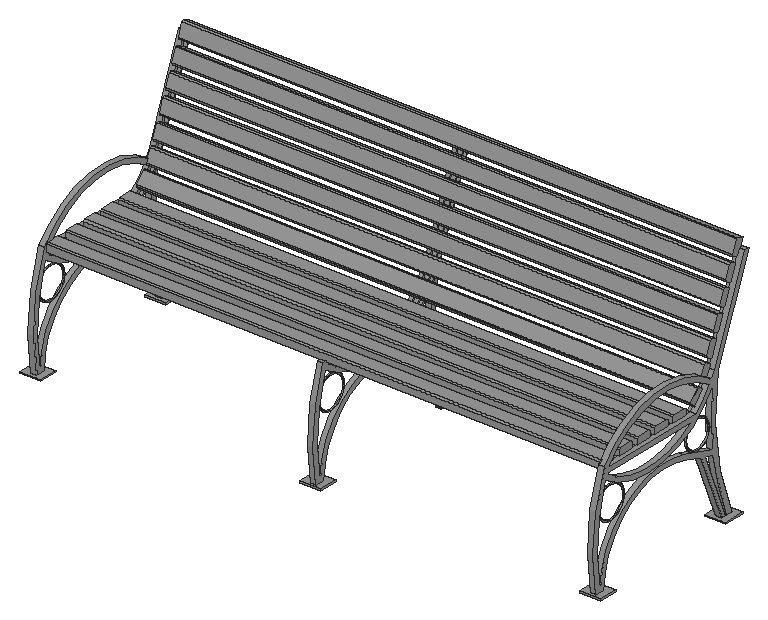
Revit family "7055 Скамейка стальная «Бульвар» Хоббика", category Антураж, Revit 2018
Family settings
  На основе рабочей плоскости = Нет
  Всегда вертикально = Да
  При загрузке вырезать с полостями = Нет
  Источник визуального образа = Геометрия семейства
  Общий = Нет
  Точка расчета площади = Нет
Parameters (values of type "Версия 2,0 м (3 опоры)")
  Ширина = 700 mm  # constant formula
  Цвет сидения = Дерево
  Цвет опоры = Сталь
  Средняя опора = or([Версия 2,0 м (3 опоры)], ([Версия 3,0 м (3 опоры)]))  # yes
  Описание = if([Версия 0,6 м (кресло)], "Скамейка стальная «Бульвар». Версия 0,6 м (кресло)", if([Версия 1,2 м], "Скамейка стальная «Бульвар». Версия 1,2 м", if([Версия 1,5 м], "Скамейка стальная «Бульвар». Версия 1,5 м", if([Версия 1,8 м], "Скамейка стальная «Бульвар». Версия 1,8 м", if([Версия 2,0 м (3 опоры)], "Скамейка стальная «Бульвар». Версия 2,0 м (3 опоры)", "Скамейка стальная «Бульвар». Версия 3,0 м (3 опоры)")))))  # "Скамейка стальная «Бульвар». Версия 2,0 м (3 опоры)"
  Материал изделия = "Сталь, дерево"  # constant formula
  Изображение типоразмера = Скамейка стальная «Бульвар» Арт 7055.jpg
  Изготовитель = "ООО «Хоббика»"  # constant formula
  Длина = if([Версия 0,6 м (кресло)], 640 mm, if([Версия 1,2 м], 1240 mm, if([Версия 1,5 м], 1540 mm, if([Версия 1,8 м], 1840 mm, if([Версия 2,0 м (3 опоры)], 2040 mm, 3040 mm)))))  # 2040 mm
  Группа модели = "Садовые скамейки"  # constant formula
  Высота = 860 mm  # constant formula
  Версия 3,0 м (3 опоры) = not(or([Версия 0,6 м (кресло)], [Версия 1,2 м], [Версия 1,5 м], [Версия 1,8 м], [Версия 2,0 м (3 опоры)]))  # no
  Версия 2,0 м (3 опоры) = yes
  Версия 1,8 м = no
  Версия 1,5 м = no
  Версия 1,2 м = no
  Версия 0,6 м (кресло) = no
  Артикул товара = "Арт. 7055"  # constant formula
  URL = "https://hobbyka.ru/product/skameika_bulvar/"
Types (7, lengths in mm): name | Средняя опора | Описание | Длина | Версия 3,0 м (3 опоры) | Версия 2,0 м (3 опоры) | Версия 1,8 м | Версия 1,5 м | Версия 1,2 м | Версия 0,6 м (кресло)
  (no name) | yes | "Скамейка стальная «Бульвар». Версия 2,0 м (3 опоры)" | 2040 | no | yes | no | no | no | no
  Версия 0,6 м (кресло) | no | "Скамейка стальная «Бульвар». Версия 0,6 м (кресло)" | 640 | no | no | no | no | no | yes
  Версия 1,2 м | no | "Скамейка стальная «Бульвар». Версия 1,2 м" | 1240 | no | no | no | no | yes | no
  Версия 1,5 м | no | "Скамейка стальная «Бульвар». Версия 1,5 м" | 1540 | no | no | no | yes | no | no
  Версия 1,8 м | no | "Скамейка стальная «Бульвар». Версия 1,8 м" | 1840 | no | no | yes | no | no | no
  Версия 2,0 м (3 опоры) | yes | "Скамейка стальная «Бульвар». Версия 2,0 м (3 опоры)" | 2040 | no | yes | no | no | no | no
  Версия 3,0 м (3 опоры) | yes | "Скамейка стальная «Бульвар». Версия 3,0 м (3 опоры)" | 3040 | yes | no | no | no | no | no
Reference planes
  plane 1 "По центру (Вперед/Назад)": y = 0
  plane 2: z = 0
  plane 3 "По центру (Влево/Вправо)": x = 0
  plane 4: x = 2040
  plane 5: z = 860
  plane 6: x = 2020
  plane 7: x = 20
  plane 8: y = 700
Forms (mm)
  Extrusion 1, solid, material "Дерево" <- "Цвет сидения"
    sketch origin (0, -51.912, -0.16) x (0, 1, 0) y (0, 0, 1)
      loop
        line (750.795, 851.157) -> (729.293, 860) -> (723.224, 857.468) -> (705.538, 814.462) -> (708.07, 808.393) -> (729.573, 799.551) -> (750.795, 851.157)
      loop
        line (722.271, 781.793) -> (700.768, 790.636) -> (694.699, 788.104) -> (677.014, 745.098) -> (679.546, 739.029) -> (701.049, 730.187) -> (722.271, 781.793)
      loop
        line (693.746, 712.43) -> (672.244, 721.272) -> (666.175, 718.74) -> (648.489, 675.735) -> (651.021, 669.665) -> (672.524, 660.823) -> (693.746, 712.43)
      loop
        line (665.222, 643.066) -> (643.719, 651.908) -> (637.65, 649.376) -> (619.965, 606.371) -> (622.497, 600.302) -> (644, 591.459) -> (665.222, 643.066)
      loop
        line (636.697, 573.702) -> (615.195, 582.544) -> (609.126, 580.012) -> (591.44, 537.007) -> (593.972, 530.938) -> (615.475, 522.095) -> (636.697, 573.702)
      loop
        line (608.192, 504.715) -> (587.653, 515.611) -> (581.366, 513.683) -> (559.575, 472.605) -> (561.503, 466.318) -> (582.042, 455.422) -> (608.192, 504.715)
      loop
        line (571.571, 440.293) -> (554.122, 455.658) -> (547.559, 455.241) -> (516.829, 420.342) -> (517.246, 413.779) -> (534.695, 398.414) -> (571.571, 440.293)
      loop
        line (493.024, 385.109) -> (493.024, 408.359) -> (488.374, 413.009) -> (441.874, 413.009) -> (437.224, 408.359) -> (437.224, 385.109) -> (493.024, 385.109)
      loop
        line (412.972, 385.109) -> (412.972, 408.359) -> (408.322, 413.009) -> (361.822, 413.009) -> (357.172, 408.359) -> (357.172, 385.109) -> (412.972, 385.109)
      loop
        line (332.972, 385.109) -> (332.972, 408.359) -> (328.322, 413.009) -> (281.822, 413.009) -> (277.172, 408.359) -> (277.172, 385.109) -> (332.972, 385.109)
      loop
        line (252.972, 385.109) -> (252.972, 408.359) -> (248.322, 413.009) -> (201.822, 413.009) -> (197.172, 408.359) -> (197.172, 385.109) -> (252.972, 385.109)
      loop
        line (164.94, 385.109) -> (164.94, 408.359) -> (160.29, 413.009) -> (113.79, 413.009) -> (109.14, 408.359) -> (109.14, 385.109) -> (164.94, 385.109)
    from 20 to 2020
Dimensions and locks
  equal spacing: plane 3 "По центру (Влево/Вправо)", nested 3, plane 4
  "Длина": plane 3 "По центру (Влево/Вправо)" to plane 4
  "Высота": plane 5 to level
  locked: plane 3 "По центру (Влево/Вправо)" to plane 7 at 20
  locked: plane 6 to plane 4 at 20
  "Ширина": plane 1 "По центру (Вперед/Назад)" to plane 8
  aligned and locked: level to plane 2
  aligned and locked: plane 4 to nested 2
  aligned and locked: plane 3 "По центру (Влево/Вправо)" to nested 1
  aligned and locked: plane 6 to Extrusion 1
  aligned and locked: Extrusion 1 to plane 7
Automatic sketch dimensions
  Extrusion 1 sketch curve to plane 1 "По центру (Вперед/Назад)" = 57.228 mm
  Extrusion 1 sketch curve to Extrusion 1 sketch curve = 4.65 mm  (x20)
  Extrusion 1 sketch curve to Extrusion 1 sketch curve = 46.5 mm  (x5)
  Extrusion 1 sketch curve to Extrusion 1 sketch curve = 32.233 mm
  Extrusion 1 sketch curve to Extrusion 1 sketch curve = 24.2 mm  (x2)
  Extrusion 1 sketch curve to Extrusion 1 sketch curve = 24.252 mm
  Extrusion 1 sketch curve to Extrusion 1 sketch curve = 23.805 mm
  Extrusion 1 sketch curve to Extrusion 1 sketch curve = 0.417 mm  (x2)
  Extrusion 1 sketch curve to Extrusion 1 sketch curve = 17.449 mm  (x2)
  Extrusion 1 sketch curve to Extrusion 1 sketch curve = 30.73 mm
  Extrusion 1 sketch curve to Extrusion 1 sketch curve = 6.563 mm  (x2)
  Extrusion 1 sketch curve to Extrusion 1 sketch curve = 5.453 mm
  Extrusion 1 sketch curve to Extrusion 1 sketch curve = 1.929 mm  (x2)
  Extrusion 1 sketch curve to Extrusion 1 sketch curve = 21.792 mm
  Extrusion 1 sketch curve to Extrusion 1 sketch curve = 10.471 mm
  Extrusion 1 sketch curve to Extrusion 1 sketch curve = 6.287 mm  (x2)
  Extrusion 1 sketch curve to Extrusion 1 sketch curve = 3.787 mm
  Extrusion 1 sketch curve to Extrusion 1 sketch curve = 2.532 mm  (x9)
  Extrusion 1 sketch curve to Extrusion 1 sketch curve = 20.539 mm
  Extrusion 1 sketch curve to Extrusion 1 sketch curve = 17.685 mm  (x4)
  Extrusion 1 sketch curve to Extrusion 1 sketch curve = 6.069 mm  (x10)
  Extrusion 1 sketch curve to Extrusion 1 sketch curve = 7.283 mm
  Extrusion 1 sketch curve to Extrusion 1 sketch curve = 4.77 mm  (x4)
  Extrusion 1 sketch curve to Extrusion 1 sketch curve = 21.503 mm  (x4)
  Extrusion 1 sketch curve to Extrusion 1 sketch curve = 7.302 mm  (x4)
  Extrusion 1 sketch curve to plane 5 = 2.692 mm
  plane 8 to Extrusion 1 sketch curve = 28.688 mm
  Extrusion 1 sketch curve to plane 5 = 0.16 mm
  plane 8 to Extrusion 1 sketch curve = 1.116 mm
  Extrusion 1 sketch curve to plane 5 = 9.003 mm
  Extrusion 1 sketch curve to Extrusion 1 sketch curve = 17.757 mm  (x8)
  Extrusion 1 sketch curve to Extrusion 1 sketch curve = 15.326 mm
  Extrusion 1 sketch curve to Extrusion 1 sketch curve = 17.38 mm
  Extrusion 1 sketch curve to Extrusion 1 sketch curve = 10.66 mm
  Extrusion 1 sketch curve to Extrusion 1 sketch curve = 15.129 mm
  Extrusion 1 sketch curve to Extrusion 1 sketch curve = 7.333 mm
  Extrusion 1 sketch curve to Extrusion 1 sketch curve = 0 mm  (x3)
  Extrusion 1 sketch curve to Extrusion 1 sketch curve = 0.771 mm
  Extrusion 1 sketch curve to Extrusion 1 sketch curve = 23.25 mm  (x5)
Nested families
  nested 1: "Скамейка стальная «Бульвар» Арт 7055 опора боковая" at (0, 0, 0), type "Скамейка стальная «Бульвар» Арт 7055 опора боковая"
  nested 2: "Скамейка стальная «Бульвар» Арт 7055 опора боковая" at (2040, 0, 0) x (-1, 0, 0) z (0, 0, 1), type "Скамейка стальная «Бульвар» Арт 7055 опора боковая"
  nested 3: "Скамейка стальная «Бульвар» Арт 7055 опора средняя" at (1020, 0, 0), visible <- "Средняя опора", type "Скамейка стальная «Бульвар» Арт 7055 опора средняя"
Definition of nested family "Скамейка стальная «Бульвар» Арт 7055 опора боковая"
  Parameters (values of type "Скамейка стальная «Бульвар» Арт 7055 опора боковая")
    Цвет опоры = none
    Height = 0 mm
  Reference planes
    plane 1 "По центру (Вперед/Назад)": y = 0
    plane 2: z = 0
    plane 3 "По центру (Влево/Вправо)": x = 0
    plane 4: y = 700
  Forms (mm)
    Extrusion 1, solid, material <- "Цвет опоры"
      sketch origin (0, 0, 0) x (0, 1, 0) y (0, 0, 1)
        loop
          line (562.237, 489.615) -> (700, 824.618) -> (682.7, 824.618) -> (547.613, 496.123)
          arc (547.613, 496.123) -> (541.7, 484.425) -> (535.324, 472.974) r 327.468
          arc (535.324, 472.974) -> (278.325, 535.043) -> (50.888, 400.232) r 351.11
          arc (50.888, 400.232) -> (2.387, 202.911) -> (13.116, 0) r 693.986
          line (13.116, 0) -> (44.893, 0)
          arc (44.893, 0) -> (166.672, 227.601) -> (422.979, 258.247) r 279.364
          arc (422.979, 258.247) -> (454.169, 247.258) -> (485.821, 237.683) r 734.997
          line (485.821, 237.683) -> (579, 3) -> (579, 0) -> (623.415, 0)
          arc (623.415, 0) -> (555.989, 240.204) -> (562.237, 489.615) r 838.34
        loop
          line (505.048, 232.614) -> (596.215, 3) -> (604.588, 3)
          arc (604.588, 3) -> (565.781, 111.592) -> (541.951, 224.421) r 854.34
          arc (541.951, 224.421) -> (523.447, 228.28) -> (505.048, 232.614) r 734.997
        loop
          arc (53.228, 358.193) -> (18.068, 186.374) -> (28.224, 11.289) r 676.986
          arc (28.224, 11.289) -> (153.229, 238.961) -> (409.581, 280.725) r 296.364
          arc (409.581, 280.725) -> (473.727, 257.863) -> (539.748, 241.173) r 718.997
          arc (539.748, 241.173) -> (533.521, 345.764) -> (540.144, 450.33) r 854.34
          arc (540.144, 450.33) -> (316.322, 300.492) -> (53.228, 358.193) r 343.468
        loop
          arc (526.357, 458.481) -> (281.429, 518.318) -> (64.425, 389.948) r 334.11
          line (64.425, 389.948) -> (466.284, 389.948)
          arc (466.284, 389.948) -> (498.716, 422.115) -> (526.357, 458.481) r 327.468
        loop
          arc (58.743, 373.948) -> (252.462, 310.503) -> (446.181, 373.948) r 327.468
          line (446.181, 373.948) -> (58.743, 373.948)
      from 0 to 20
    Sweep 2, solid, material <- "Цвет опоры"
      path origin (0, -58.674, 0.402) x (0, 1, 0) y (0, 0, 1)
        loop
          circle (540.148, 312.852) r 53.918
      profile origin (0, 481.474, 259.336) x (0, 0, 1) y (1, 0, 0)
        loop
          circle (2, 10) r 2
    Sweep 3, solid, material <- "Цвет опоры"
      path origin (0, -54.166, -12.58) x (0, 1, 0) y (0, 0, 1)
        loop
          circle (145.22, 279.947) r 60
      profile origin (0, 91.054, 207.366) x (0, 0, 1) y (1, 0, 0)
        loop
          circle (2, 10) r 2
    Extrusion 4, solid, material <- "Цвет опоры"
      sketch origin (0, 0, 0) x (0, 1, 0) y (0, 0, 1)
        loop
          line (689.587, 822.716) -> (554.445, 494.088)
          arc (554.445, 494.088) -> (518.135, 435.117) -> (470.396, 384.948) r 332.468
          line (470.396, 384.948) -> (66.687, 384.948) -> (66.687, 382.948) -> (471.131, 382.948)
          arc (471.131, 382.948) -> (519.512, 433.628) -> (556.273, 493.274) r 334.468
          line (556.273, 493.274) -> (691.437, 821.956) -> (689.587, 822.716)
      from 20 to 35
    Extrusion 5, solid, material <- "Цвет опоры"
      sketch origin (0, -121.292, 0) x (1, 0, 0) y (0, 1, 0)
        loop
          line (-27.5, 760) -> (-27.5, 685) -> (47.5, 685) -> (47.5, 760) -> (-27.5, 760)
      from 0 to 5
    Extrusion 6, solid, material <- "Цвет опоры"
      sketch origin (0, -693.496, 0) x (1, 0, 0) y (0, 1, 0)
        loop
          line (-27.5, 760) -> (-27.5, 693.496) -> (47.5, 693.496) -> (47.5, 760) -> (-27.5, 760)
      from 0 to 5
  Dimensions and locks
    plane 4 to plane 1 "По центру (Вперед/Назад)" = 700 mm
    aligned and locked: level to plane 2
Definition of nested family "Скамейка стальная «Бульвар» Арт 7055 опора средняя"
  Parameters (values of type "Скамейка стальная «Бульвар» Арт 7055 опора средняя")
    Цвет опоры = none
    Height = 0 mm
  Reference planes
    plane 1 "По центру (Вперед/Назад)": y = 0
    plane 2: z = 0
    plane 3 "По центру (Влево/Вправо)": x = 0
    plane 4: y = 760
  Forms (mm)
    Extrusion 1, solid, material <- "Цвет опоры"
      sketch origin (0, 0, 0) x (0, 1, 0) y (0, 0, 1)
        loop
          line (562.237, 489.615) -> (700, 824.618) -> (688.106, 824.618) -> (552.182, 494.088)
          arc (552.182, 494.088) -> (515.872, 435.117) -> (468.133, 384.948) r 332.468
          line (468.133, 384.948) -> (44.852, 384.948)
          arc (44.852, 384.948) -> (1.663, 194.727) -> (13.116, 0) r 693.986
          line (13.116, 0) -> (44.893, 0)
          arc (44.893, 0) -> (166.672, 227.601) -> (422.979, 258.247) r 279.364
          arc (422.979, 258.247) -> (454.169, 247.258) -> (485.821, 237.683) r 734.997
          line (485.821, 237.683) -> (579, 3) -> (579, 0) -> (623.415, 0)
          arc (623.415, 0) -> (555.989, 240.204) -> (562.237, 489.615) r 838.34
        loop
          line (505.048, 232.614) -> (596.215, 3) -> (604.588, 3)
          arc (604.588, 3) -> (565.781, 111.592) -> (541.951, 224.421) r 854.34
          arc (541.951, 224.421) -> (523.447, 228.28) -> (505.048, 232.614) r 734.997
        loop
          arc (53.228, 358.193) -> (18.068, 186.374) -> (28.224, 11.289) r 676.986
          arc (28.224, 11.289) -> (153.229, 238.961) -> (409.581, 280.725) r 296.364
          arc (409.581, 280.725) -> (473.727, 257.863) -> (539.748, 241.173) r 718.997
          arc (539.748, 241.173) -> (533.521, 345.764) -> (540.144, 450.33) r 854.34
          arc (540.144, 450.33) -> (316.322, 300.492) -> (53.228, 358.193) r 343.468
        loop
          arc (58.743, 373.948) -> (252.462, 310.503) -> (446.181, 373.948) r 327.468
          line (446.181, 373.948) -> (58.743, 373.948)
      from -10 to 10
    Sweep 2, solid, material <- "Цвет опоры"
      path origin (0, -57.87, 0.804) x (0, 1, 0) y (0, 0, 1)
        loop
          circle (540.148, 312.852) r 53.918
      profile origin (0, 482.278, 259.738) x (0, 0, 1) y (1, 0, 0)
        loop
          circle (2, 0) r 2
    Sweep 3, solid, material <- "Цвет опоры"
      path origin (0, -51.021, -13.629) x (0, 1, 0) y (0, 0, 1)
        loop
          circle (142.095, 281.197) r 60
      profile origin (0, 91.075, 207.568) x (0, 0, 1) y (1, 0, 0)
        loop
          circle (2, 0) r 2
    Extrusion 4, solid, material <- "Цвет опоры"
      sketch origin (0, -60, 0) x (0, 1, 0) y (0, 0, 1)
        loop
          line (747.324, 822.716) -> (612.182, 494.088)
          arc (612.182, 494.088) -> (575.872, 435.117) -> (528.133, 384.948) r 332.468
          line (528.133, 384.948) -> (124.425, 384.948) -> (124.425, 382.948) -> (528.869, 382.948)
          arc (528.869, 382.948) -> (577.249, 433.628) -> (614.01, 493.274) r 334.468
          line (614.01, 493.274) -> (749.174, 821.956) -> (747.324, 822.716)
      from 10 to 25
    Extrusion 5, solid, material <- "Цвет опоры"
      sketch origin (0, -60, 0) x (0, 1, 0) y (0, 0, -1)
        loop
          line (747.324, -822.716) -> (749.174, -821.956) -> (614.01, -493.274)
          arc (614.01, -493.274) -> (577.249, -433.628) -> (528.869, -382.948) r 334.468
          line (528.869, -382.948) -> (124.425, -382.948) -> (124.425, -384.948) -> (528.133, -384.948)
          arc (528.133, -384.948) -> (575.872, -435.117) -> (612.182, -494.088) r 332.468
          line (612.182, -494.088) -> (747.324, -822.716)
      from 10 to 25
    Extrusion 6, solid, material <- "Цвет опоры"
      sketch origin (-10, -61.292, 0) x (1, 0, 0) y (0, 1, 0)
        loop
          line (-27.5, 760) -> (-27.5, 685) -> (47.5, 685) -> (47.5, 760) -> (-27.5, 760)
      from 0 to 5
    Extrusion 7, solid, material <- "Цвет опоры"
      sketch origin (-10, -693.496, 0) x (1, 0, 0) y (0, 1, 0)
        loop
          line (-27.5, 760) -> (-27.5, 693.496) -> (47.5, 693.496) -> (47.5, 760) -> (-27.5, 760)
      from 0 to 5
  Dimensions and locks
    aligned and locked: level to plane 2
